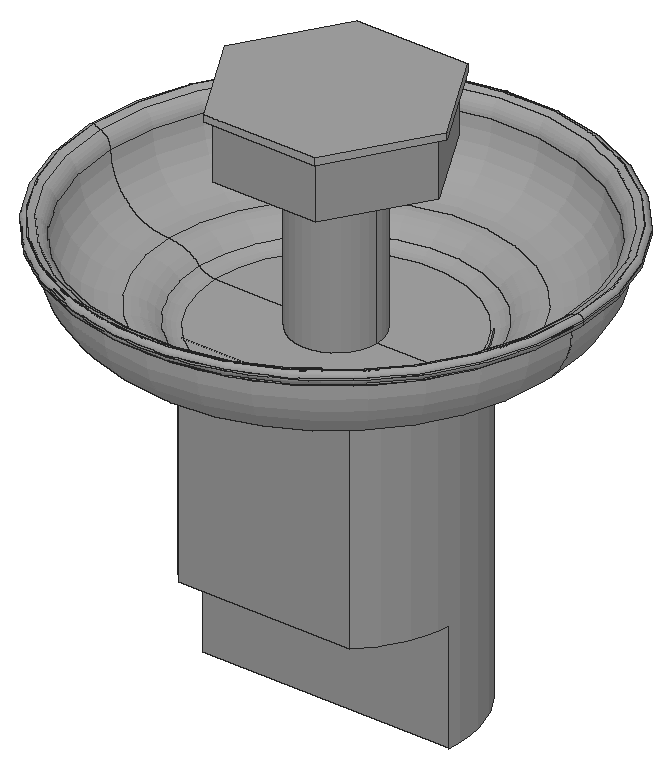
Revit family "Washfountain_Willoughby-WAF-3606-FLR-JR", category Plumbing Fixtures, Revit 2015
Parameters (values of type "Standard")
  Waste DIA = 2"
  Waste Connection = yes
  Vent Connection = no
  URL = "https://www.willoughby-ind.com/wp-content/uploads/2018/01/WAF-3606.pdf"
  Solid Surface Sink = Solid Surface Acrylic Resin-Willoughby
  Revision = "A"
  Model = "WAF-3606-FLR-JR"
  Manufacturer = "Willoughby Industries"
  Keynote = ""
  HW Connection = yes
  HCW DIA = 1/2"
  Fixture Body = Stainless Steel AISI 304-Willoughby
  Description = "Six Station round Washfountain, Floor Mounted, Junior Height"
  Default Elevation = 0' - 0"
  Contact = "(800) 428-4065"
  CW Connection = yes
Reference planes (in)
  plane 1 "Center (Front/Back)": y = 0
  plane 2: z = 0
  plane 3 "Center (Left/Right)": x = 0
  plane 4: z = 34
  plane 5: z = 42.5
  plane 6: z = 42
  plane 7: z = 38
  plane 8: z = 26.5
  plane 9: x = 18
  plane 10: x = -18
  plane 11: z = 28.5
  plane 12: x = 8.25
  plane 13: x = -8.25
  plane 14: x = 7.25
  plane 15: y = -6.5
  plane 16: y = -5.04234
  plane 17: y = -0.875
Forms (in)
  Revolve 1, solid, material "Solid Surface Acrylic Resin-Willoughby" <- "Solid Surface Sink"
    sketch origin (0, 0, 0) x (1, 0, 0) y (0, 0, 1)
      loop
        line (-18, 33.683) -> (-18, 33.56644)
        arc (-18, 33.56644) -> (-17.91323, 33.3196) -> (-17.6911, 33.18136) r 0.39447
        line (-17.6911, 33.18136) -> (-17.4375, 33.125)
        arc (-17.4375, 33.125) -> (-17.25573, 32.97535) -> (-17.1875, 32.75) r 0.40625
        arc (-17.1875, 32.75) -> (-15.72303, 29.21447) -> (-12.1875, 27.75) r 5
        arc (-12.1875, 27.75) -> (-11.25104, 27.5363) -> (-10.5, 26.9375) r 2.15865
        arc (-10.5, 26.9375) -> (-9.72359, 26.42847) -> (-8.8125, 26.25) r 2.41477
        line (-8.8125, 26.25) -> (0, 26.25) -> (0, 27) -> (-8.8125, 27)
        arc (-8.8125, 27) -> (-9.42263, 27.11584) -> (-9.94786, 27.44722) r 1.66477
        arc (-9.94786, 27.44722) -> (-10.95013, 28.22368) -> (-12.1875, 28.5) r 2.90865
        arc (-12.1875, 28.5) -> (-15.1927, 29.7448) -> (-16.4375, 32.75) r 4.25
        arc (-16.4375, 32.75) -> (-16.63169, 33.39137) -> (-17.14904, 33.81731) r 1.15625
        line (-17.14904, 33.81731) -> (-17.62233, 34.01451) -> (-17.66849, 34.01451)
        arc (-17.66849, 34.01451) -> (-17.9029, 33.91742) -> (-18, 33.683) r 0.33151
      axis (0, 34.01451) -> (0, 26.25)
    angle from 0 to 360
  Revolve 2, solid, material "Stainless Steel AISI 304-Willoughby" <- "Fixture Body"
    sketch origin (0, 0, 0) x (1, 0, 0) y (0, 0, 1)
      loop
        line (0, 26.9375) -> (0, 38) -> (-3, 38) -> (-3, 26.9375) -> (0, 26.9375)
      axis (0, 38) -> (0, 26.9375)
    angle from 0 to 360
  Extrusion 3, solid, material "Stainless Steel AISI 304-Willoughby" <- "Fixture Body"
    sketch origin (65.34541, 0, 42) x (1, 0, 0) y (0, 1, 0)
      loop
        line (-61.59541, 6.5) -> (-69.09541, 6.5) -> (-72.84541, 0) -> (-69.09541, -6.5) -> (-61.59541, -6.5) -> (-57.84541, 0) -> (-61.59541, 6.5)
    from 0 to -4
  Extrusion 4, solid, material "Solid Surface Acrylic Resin-Willoughby" <- "Solid Surface Sink"
    sketch origin (65.34541, 0, 42) x (1, 0, 0) y (0, 1, 0)
      loop
        line (-69.38419, 7) -> (-73.42265, 0) -> (-69.3812, -7) -> (-61.30663, -7) -> (-57.26672, 0.0025) -> (-61.30673, 7) -> (-69.38419, 7)
    from 0 to 0.5
  Extrusion 5, solid, material "Stainless Steel AISI 304-Willoughby" <- "Fixture Body"
    sketch origin (0, 0, 0) x (1, 0, 0) y (0, 1, 0)
      loop
        line (-6.22495, -6.5) -> (6.22495, -6.5)
        arc (6.22495, -6.5) -> (0, 9) -> (-6.22495, -6.5) r 9
    from 3 to 27
  Extrusion 6, void
    sketch origin (0, 0, 0) x (1, 0, 0) y (0, 0, 1)
      loop
        line (-10.25, 3) -> (11.75, 3) -> (11.75, 11) -> (-10.25, 11) -> (-10.25, 3)
    from 0.875 to 6.5
  Extrusion 7, solid, material "Stainless Steel AISI 304-Willoughby" <- "Fixture Body", detail levels medium+fine
    sketch origin (0, 0, 0) x (1, 0, 0) y (0, 1, 0)
      loop
        circle (2, 2) r 0.25
    from 6 to 9
  Extrusion 8, solid, material "Stainless Steel AISI 304-Willoughby" <- "Fixture Body", detail levels medium+fine
    sketch origin (0, 0, 0) x (1, 0, 0) y (0, 1, 0)
      loop
        circle (2, 6) r 0.25
    from 6 to 9
  Extrusion 9, solid, material "Stainless Steel AISI 304-Willoughby" <- "Fixture Body", detail levels medium+fine
    sketch origin (0, 0, 0) x (1, 0, 0) y (0, 1, 0)
      loop
        circle (5, 2) r 1
    from 6 to 9
Cuts and joins
  Extrusion 6 cuts Extrusion 5
Lines and regions (in)
  symbolic lines
    curve 1: circle (0, 0, 0) r 18 normal (0, 0, 1)
    curve 3: circle (0, 0, 0) r 9.94786 normal (0, 0, 1)
    curve 4: line (-8.07724, 0, 0) -> (-4.03878, 7, 0)
    curve 5: line (-4.03878, 7, 0) -> (4.03868, 7, 0)
    curve 6: line (4.03868, 7, 0) -> (8.07868, 0.0025, 0)
    curve 7: line (8.07868, 0.0025, 0) -> (4.03878, -7, 0)
    curve 8: line (4.03878, -7, 0) -> (-4.03579, -7, 0)
    curve 9: line (-4.03579, -7, 0) -> (-8.07724, 0, 0)
    curve 10: line (-9.04264, 0, 0) -> (8.95736, 0, 0)
    curve 11: line (8.95736, 0, 0) -> (8.95736, 0, 26.25)
    curve 12: line (8.95736, 0, 26.25) -> (-9.04264, 0, 26.25)
    curve 13: line (-9.04264, 0, 26.25) -> (-9.04264, 0, 0)
    curve 14: line (8.07868, 0, 42.5) -> (-8.07724, 0, 42.5)
    curve 15: line (-8.07724, 0, 42.5) -> (-8.07724, 0, 42)
    curve 16: line (-8.07724, 0, 42) -> (8.07868, 0, 42)
    curve 17: line (7.5, 0, 42) -> (7.5, 0, 38)
    curve 18: line (7.5, 0, 38) -> (-7.5, 0, 38)
    curve 19: line (-7.5, 0, 38) -> (-7.5, 0, 42)
    curve 20: line (-3, 0, 38) -> (-3, 0, 34)
    curve 21: line (3, 0, 38) -> (3, 0, 34)
    curve 22: line (17.67433, 0, 34.01451) -> (-17.66849, 0, 34.01451)
    curve 23: arc (-17.66849, 0, 34.01451) -> (-17.92636, 0, 33.89427) -> (-18, 0, 33.61943) r 0.33663
    curve 24: arc (-18, 0, 33.61943) -> (-17.97806, 0, 33.43117) -> (-17.87385, 0, 33.27285) r 0.41033
    curve 25: arc (-17.87385, 0, 33.27285) -> (-17.74517, 0, 33.19041) -> (-17.59532, 0, 33.16032) r 0.41362
    curve 26: arc (-17.59532, 0, 33.16032) -> (-17.51668, 0, 33.14146) -> (-17.4375, 0, 33.125) r 2.66966
    curve 27: arc (-17.4375, 0, 33.125) -> (-17.23421, 0, 32.93784) -> (-17.18322, 0, 32.66626) r 0.4385
    curve 28: arc (-17.18322, 0, 32.66626) -> (-15.63891, 0, 29.13199) -> (-12.04022, 0, 27.74442) r 5.00648
    curve 29: arc (-12.04022, 0, 27.74442) -> (-11.18671, 0, 27.50015) -> (-10.5, 0, 26.9375) r 2.19282
    curve 30: arc (-10.5, 0, 26.9375) -> (-9.82814, 0, 26.4733) -> (-9.04264, 0, 26.25) r 2.50368
    curve 31: arc (8.95736, 0, 26.25) -> (9.79067, 0, 26.45465) -> (10.5, 0, 26.9375) r 2.41744
    curve 32: arc (10.5, 0, 26.9375) -> (11.26785, 0, 27.55102) -> (12.23139, 0, 27.74486) r 2.08608
    curve 33: arc (12.23139, 0, 27.74486) -> (15.73139, 0, 29.19461) -> (17.18114, 0, 32.69461) r 4.94975
    curve 34: arc (17.18114, 0, 32.69461) -> (17.25008, 0, 32.94509) -> (17.4375, 0, 33.125) r 0.48946
    curve 35: line (17.4375, 0, 33.125) -> (17.71259, 0, 33.18851)
    curve 36: arc (17.71259, 0, 33.18851) -> (17.93508, 0, 33.33858) -> (18, 0, 33.59897) r 0.37443
    curve 37: arc (18, 0, 33.59897) -> (17.99143, 0, 33.75232) -> (17.92701, 0, 33.89173) r 0.4098
    curve 38: arc (17.92701, 0, 33.89173) -> (17.81625, 0, 33.98519) -> (17.67433, 0, 34.01451) r 0.29453
    curve 39: line (-9.04264, 0, 8) -> (8.95736, 0, 8)
    curve 40: line (8.07868, 0, 42.5) -> (8.07868, 0, 42)
    curve 41: line (0, 7, 42) -> (0, 7, 42.5)
    curve 42: line (0, 7, 42.5) -> (0, -7, 42.5)
    curve 43: line (0, -7, 42.5) -> (0, -7, 42)
    curve 44: line (0, -7, 42) -> (0, -6.5, 42)
    curve 45: line (0, -6.5, 42) -> (0, -6.5, 38)
    curve 46: line (0, -6.5, 38) -> (0, 6.5, 38)
    curve 47: line (0, 6.5, 38) -> (0, 6.5, 42)
    curve 48: line (0, 6.5, 42) -> (0, -6.5, 42)
    curve 49: line (0, -3, 38) -> (0, -3, 34.01451)
    curve 50: line (0, 3, 38) -> (0, 3, 34)
    curve 51: line (0, 17.66849, 34.01451) -> (0, -17.66849, 34.01451)
    curve 52: arc (0, -17.66849, 34.01451) -> (0, -17.92581, 33.89452) -> (0, -17.99929, 33.62028) r 0.33591
    curve 53: arc (0, -17.99929, 33.62028) -> (0, -17.93731, 33.3533) -> (0, -17.71862, 33.18808) r 0.40203
    curve 54: line (0, -17.71862, 33.18808) -> (0, -17.4375, 33.125)
    curve 55: arc (0, -17.4375, 33.125) -> (0, -17.23481, 32.93084) -> (0, -17.18719, 32.65424) r 0.44855
    curve 56: arc (0, -17.18719, 32.65424) -> (0, -15.65505, 29.14933) -> (0, -12.09881, 27.74044) r 5.02154
    curve 57: arc (0, -12.09881, 27.74044) -> (0, -11.20138, 27.53416) -> (0, -10.5, 26.9375) r 1.94108
    curve 58: arc (0, -10.5, 26.9375) -> (0, -9.75438, 26.45468) -> (0, -8.88912, 26.25372) r 2.57687
    curve 59: line (0, -8.88912, 26.25372) -> (0, 9.00309, 26.25372)
    curve 60: arc (0, 9.00309, 26.25372) -> (0, 9.81057, 26.4664) -> (0, 10.5, 26.9375) r 2.45425
    curve 61: arc (0, 10.5, 26.9375) -> (0, 11.23447, 27.53322) -> (0, 12.15608, 27.74523) r 2.09481
    curve 62: arc (0, 12.15608, 27.74523) -> (0, 15.7149, 29.21933) -> (0, 17.189, 32.77815) r 5.03292
    curve 63: arc (0, 17.189, 32.77815) -> (0, 17.25754, 32.99149) -> (0, 17.4375, 33.125) r 0.36632
    curve 64: line (0, 17.4375, 33.125) -> (0, 17.68109, 33.18124)
    curve 65: arc (0, 17.68109, 33.18124) -> (0, 17.92783, 33.34455) -> (0, 18.00691, 33.62968) r 0.42245
    curve 66: arc (0, 18.00691, 33.62968) -> (0, 17.92472, 33.89863) -> (0, 17.66849, 34.01451) r 0.34122
    curve 67: line (0, 9.00309, 26.25372) -> (0, 9.00309, 0)
    curve 68: line (0, 9.00309, 0) -> (0, -0.875, 0)
    curve 69: line (0, -0.875, 0) -> (0, -0.875, 8)
    curve 70: line (0, -0.875, 8) -> (0, -6.5, 8)
    curve 71: line (0, -6.5, 8) -> (0, -6.5, 26.25372)
  symbolic lines, detail levels fine
    curve 2: circle (0, 0, 0) r 16.5 normal (0, 0, 1)
Dimensions and locks (in)
  plane 7 to plane 6 = 0' - 4"
  plane 8 to plane 11 = 0' - 2"  (x2)
  Revolve 1 sketch curve to plane 11 to plane 4 = 0' - 2 1/4", 0' - 5 1/2"
  plane 13 to plane 14 = 1' - 3 1/2"
  aligned and locked: Revolve 2 sketch curve to Revolve 2 sketch curve  (x2)
  aligned and locked: plane 17 to Extrusion 6
  aligned and locked: plane 5 to Extrusion 4
  aligned and locked: Extrusion 4 to plane 6
  aligned and locked: plane 6 to Extrusion 3
  aligned and locked: Extrusion 3 to plane 7
Connectors (in)
  piping at (2, 6, 6), diameter 0.5, driven by "HCW DIA", driven by "HW Connection"
    settings: on Extrusion 8, index 1, connector inside diameter 24", connector length 0' - 0", flow factor 0, pipe flow 0 GPM, pressure drop 0.00 psi, fitting loss kfactor 0, connector angle 0.00°, fixture units 0, engagement length 0' - 0", angle of deflection 0.00°, flow configuration 0, flow direction 1, fitting loss method 0, system type 19, joint type 0, gender type 0, connector reference index -1, connector utility 1, adjustable connector no, is connector primary yes, connector description "HW Inlet"
  piping at (2, 2, 6), diameter 0.5, driven by "HCW DIA", driven by "CW Connection"
    settings: on Extrusion 7, index 2, connector inside diameter 24", connector length 0' - 0", flow factor 0, pipe flow 0 GPM, pressure drop 0.00 psi, fitting loss kfactor 0, connector angle 0.00°, fixture units 0, engagement length 0' - 0", angle of deflection 0.00°, flow configuration 0, flow direction 1, fitting loss method 0, system type 20, joint type 0, gender type 0, connector reference index -1, connector utility 1, adjustable connector no, is connector primary no, connector description "CW Inlet"
  piping at (5, 2, 6), diameter 2, driven by "Waste DIA", driven by "Waste Connection"
    settings: on Extrusion 9, index 3, connector inside diameter 24", connector length 0' - 0", flow factor 0, pipe flow 0 GPM, pressure drop 0.00 psi, fitting loss kfactor 0, connector angle 0.00°, fixture units 0, engagement length 0' - 0", angle of deflection 0.00°, flow configuration 0, flow direction 2, fitting loss method 0, system type 16, joint type 0, gender type 0, connector reference index -1, connector utility 1, adjustable connector no, is connector primary no, connector description "Sink Waste"
